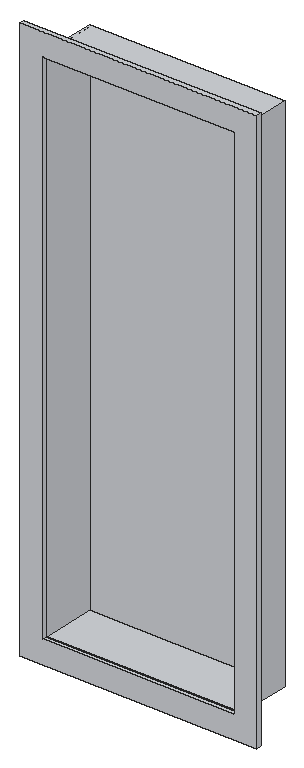
Revit family "Hager-VOLTA-Hollow_wall-Other-Without_Cover-Without_DIN-NoHosted-PL-en", category Electrical Equipment, Revit 2023
Family settings
  Panel Configuration = Two Columns, Circuits Across
  Round Connector Dimension = Use Diameter
  Part Type = Panelboard
  Work Plane-Based = Yes
  Always vertical = Yes
  Cut with Voids When Loaded = No
  Maintain Annotation Orientation = No
  Shared = No
  Room Calculation Point = No
Parameters (values of type "VOLTA-Hollow_wall_W348_H880_D98_12_Modular_Spacing-VH60NK")
  Width Control [instance] = if([HG000006-Flush mounted], if([EF000846 - Built-in width] > min_whd, [EF000846 - Built-in width], min_whd), if([EF000008 - Width] > min_whd, ([EF000008 - Width]), min_whd))  # 314 mm
  Void Depth [instance] = if([EF000218 - Built-in depth] > 1 mm, [EF000218 - Built-in depth], 1 mm)  # 90 mm
  Uniformat code = "D501001"
  Uniformat = "Low Tension Service & Dist."
  Référence = ""
  HG000131 - Functional label [instance] = ""
  HG000130 - Functional name [instance] = ""
  HG000099-Onfly Template ID = "507532"
  HG000059-Operating voltage [instance] = 230 V
  ETIM class name = "Small distribution board"
  ETIM class code = "EC000214"
  EF015941 - Signal passing door = no
  EF015777 - Neutral terminal block = no
  EF015776 - Earthing terminal block = no
  EF009212 - Cover model = ""
  EF006306 - With lock = no
  EF006244 - Transparent cover/door = no
  EF005474 - Degree of protection (IP) = "Other"
  EF004462 - Type of closure = "Other"
  EF002950 - Width in number of modular spacings = 12
  EF001596 - Housing material = ""
  EF001134 - DIN-rail = no
  EF001131 - Inner depth = 0 mm
  EF001088 - Extension possible = yes
  EF001062 - EMC-version = no
  EF000846 - Built-in width = 314 mm
  EF000339 - Type of covering = ""
  EF000332 - Built-in height = 846 mm
  EF000266 - Number of rows = 5
  EF000218 - Built-in depth = 90 mm
  EF000118 - With mounting plate = no
  EF000116 - RAL-number = 9010
  EF000049 - Depth = 98 mm
  EF000040 - Height = 880 mm
  EF000008 - Width = 348 mm
  EF000007 - Colour = "White"
  EF000003 - Mounting method = "Hollow wall"
  EF004464 - Type of door = ""
  EF000024 - UV resistant = no
  Type Comments = ""
  System Height [instance] = Height Control - 2 * [HG000005-Thickness]  # 842 mm
  Reference description = ""
  Reference = "VOLTA-Hollow_wall_W348_H880_D98_12_Modular_Spacing-VH60NK"
  Panel Name [instance] = ""  # (empty or 0)
  Offset [instance] = 0 mm
  Object type = ""
  Name hager = "ADD_Enclosures_EC000214"
  Name BIM&CO = "Electricity"
  Name = "VOLTA-Hollow_wall-Other-Without_Cover-Without_DIN-PL"
  Model = ""
  Level Offset [instance] = [Flush Mounted - Door Frame Width] + Offset  # 34 mm
  HGEF002950-Width in number of modular spacings = 12
  HGEF000266-Number of rows = 5
  HG000060-RAL-number = "9010"
  HG000017-Distance between poles = 18 mm
  HG000016-Door 3D visibility = yes
  HG000015-Clearance visibility = yes
  HG000014-Door on the right = yes
  HG000013-Door on the left = not([HG000014-Door on the right])  # no
  HG000012-Door swing angle = 90.00°
  HG000011-Empty rows from bottom = no
  HG000010-Asymmetric doors = no
  HG000009-Double swing door = no
  HG000008-Number of empty rows = 0
  HG000007-Number of empty columns = 0
  HG000006-Flush mounted = yes
  HG000005-Thickness = 2 mm
  HG000004-Manufacturer reference = "VH60NK"
  HG000003-Range = "VOLTA"
  HG000002-With door or cover = no
  HG000001-Number of columns = 0
  GTIN (Global Trade Item Number) = ""
  Description = ""
  Default Elevation = 1200 mm
  Creation Date = "12/15/2025 21:47:46"
  Code hager = "ADD-EC000214_EU"
  Code Uniformat = ""
  BIM&CO code = ""
  BC_VARIANT_ID = "1174402"
  BC_OBJECT_VERSION = "#5"  # constant formula
  BC_OBJECT_ID = "513500"  # constant formula
  BC_MODEL_ID = "1547252"  # constant formula
  BC_METADATA = "{\"ObjectGuid\":\"bc35c96e-cb38-443e-833d-0616858cb9ac\",\"ModelGuid\":\"8af03f69-2293-4735-a617-cc53adf55621\",\"VariantGuid\":\"8b6e323b-1b53-409a-a940-11b5a7fc5337\",\"Revision\":\"#4\",\"VariantName\":\"Template-Enclosure_EU-EC000214\"}"
  Arrow Offset [instance] = Depth Control / 8  # 11.25 mm
  Arrow Height [instance] = Depth Control - Arrow Offset  # 78.75 mm
  Host Offset [instance] = if([HG000006-Flush mounted], 0 mm, [EF000049 - Depth])  # 0 mm
  min_whd [instance] = (2 * [HG000005-Thickness]) + 1 mm  # 5 mm
  Manufacturer = "Hager"  # constant formula
  Height Control [instance] = if([HG000006-Flush mounted], if([EF000332 - Built-in height] > min_whd, [EF000332 - Built-in height], min_whd), if([EF000040 - Height] > min_whd, ([EF000040 - Height]), min_whd))  # 846 mm
  Flush Mounted - Door Frame Width [instance] = if(([EF000040 - Height] - [EF000332 - Built-in height]) > 0 mm, if([HG000006-Flush mounted], [EF000040 - Height] - [EF000332 - Built-in height], 0 mm), 0 mm)  # 34 mm
  Depth Control [instance] = if([HG000006-Flush mounted], if([EF000218 - Built-in depth] > 0 mm, [EF000218 - Built-in depth], 1 mm), if([EF000049 - Depth] > 0 mm, ([EF000049 - Depth]), 1 mm))  # 90 mm
Types (5, lengths in mm): name | EF009212 - Cover model | EF004462 - Type of closure | EF001062 - EMC-version | EF000332 - Built-in height | EF000266 - Number of rows | EF000049 - Depth | EF000040 - Height | EF000008 - Width | System Height | Reference | Level Offset | HGEF000266-Number of rows | HG000004-Manufacturer reference | BC_VARIANT_ID | Height Control | Flush Mounted - Door Frame Width
  VOLTA-Hollow_wall_W330_H355_D94_12_Modular_Spacing-VH12NK | "Closed" | "" | yes | 346 | 1 | 94 | 355 | 330 | 342 | "VOLTA-Hollow_wall_W330_H355_D94_12_Modular_Spacing-VH12NK" | 9 | 1 | "VH12NK" | "1174398" | 346 | 9
  VOLTA-Hollow_wall_W348_H505_D98_12_Modular_Spacing-VH24NK | "" | "Other" | no | 471 | 2 | 98 | 505 | 348 | 467 | "VOLTA-Hollow_wall_W348_H505_D98_12_Modular_Spacing-VH24NK" | 34 | 2 | "VH24NK" | "1174399" | 471 | 34
  VOLTA-Hollow_wall_W348_H630_D98_12_Modular_Spacing-VH36NK | "" | "Other" | no | 596 | 3 | 98 | 630 | 348 | 592 | "VOLTA-Hollow_wall_W348_H630_D98_12_Modular_Spacing-VH36NK" | 34 | 3 | "VH36NK" | "1174400" | 596 | 34
  VOLTA-Hollow_wall_W348_H755_D98_12_Modular_Spacing-VH48NK | "" | "Other" | no | 721 | 4 | 98 | 755 | 348 | 717 | "VOLTA-Hollow_wall_W348_H755_D98_12_Modular_Spacing-VH48NK" | 34 | 4 | "VH48NK" | "1174401" | 721 | 34
  VOLTA-Hollow_wall_W348_H880_D98_12_Modular_Spacing-VH60NK | "" | "Other" | no | 846 | 5 | 98 | 880 | 348 | 842 | "VOLTA-Hollow_wall_W348_H880_D98_12_Modular_Spacing-VH60NK" | 34 | 5 | "VH60NK" | "1174402" | 846 | 34
Reference planes
  plane 1 "Center (Front/Back)": y = 0
  plane 2: z = 0
  plane 3 "Center (Left/Right)": x = 0
  plane 4: y = 36
  plane 5: y = 90
  plane 6: y = 34
  plane 7: z = 0
  plane 8: x = -157
  plane 9: x = 157
  plane 10: x = 155
  plane 11: x = -155
  plane 12: z = 34
  plane 13: z = 36
  plane 14: y = 5
  plane 15: y = 0
  plane 16: y = 88
  plane 17: z = 878
  plane 18: z = 880
  plane 19: z = 457
  plane 20: x = 0
  plane 21: y = -100
  plane 22 "Annotation H": y = -300
  plane 23 "Annotation V": x = 357
Forms (mm)
  Extrusion 1, solid
    sketch origin (-208.679, -4572, 34) x (-1, 0, 0) y (0, -1, 0)
      loop
        line (-51.679, -4572) -> (-365.679, -4572) -> (-365.679, -4662) -> (-51.679, -4662) -> (-51.679, -4572)
    from 0 to 846 <- "Height Control"
  Extrusion 2, void
    sketch origin (-350.771, 0, 1219.2) x (1, 0, 0) y (0, 0, 1)
      loop
        line (195.771, -341.2) -> (195.771, -1183.2) -> (505.771, -1183.2) -> (505.771, -341.2) -> (195.771, -341.2)
    from 0 to -88
  Extrusion 3, solid, detail levels coarse+medium
    sketch origin (-350.771, 0, 1219.2) x (-1, 0, 0) y (0, 0, 1)
      loop
        line (-195.771, -341.2) -> (-505.771, -341.2) -> (-505.771, -1183.2) -> (-195.771, -1183.2) -> (-195.771, -341.2)
    from 0 to 2 <- "HG000005-Thickness"
Cuts and joins
  Extrusion 2 cuts Extrusion 1
Dimensions and locks
  "Flush Mounted - Door Frame Width": plane 1 "Center (Front/Back)" to plane 6
  "HG000005-Thickness": plane 4 to plane 6
  "HG000005-Thickness": plane 8 to plane 11
  "HG000005-Thickness": plane 9 to plane 10
  equal spacing: plane 8, plane 3 "Center (Left/Right)", plane 9
  "Width Control": plane 8 to plane 9
  locked: plane 14 to plane 15 at 5
  "Host Offset": plane 1 "Center (Front/Back)" to plane 15
  "Depth Control": plane 5 to plane 15
  "HG000005-Thickness": plane 5 to plane 16
  "HG000005-Thickness": plane 13 to plane 12
  "Level Offset": plane 12 to level
  "HG000005-Thickness": plane 18 to plane 17
  "Height Control": plane 18 to plane 12
  "Arrow Offset": plane 5 to nested 4
  equal spacing: plane 18, plane 19, plane 12
  locked: connector elem to plane 19
  locked: connector elem to plane 3 "Center (Left/Right)"
  Extrusion 2 sketch curve to Extrusion 2 sketch curve to plane 9 = 310 mm, 2 mm
  locked: plane 9 to plane 23 "Annotation V" at 200
  locked: plane 22 "Annotation H" to plane 1 "Center (Front/Back)" at 300
  aligned and locked: nested 1 to plane 14
  aligned and locked: plane 3 "Center (Left/Right)" to nested 1
  aligned and locked: plane 3 "Center (Left/Right)" to nested 2
  aligned and locked: nested 2 to plane 15
  aligned and locked: plane 5 to Extrusion 1
  aligned and locked: Extrusion 3 sketch curve to plane 17
  aligned and locked: Extrusion 3 sketch curve to plane 11
  aligned and locked: plane 13 to Extrusion 3 sketch curve
  aligned and locked: Extrusion 3 sketch curve to plane 10
  aligned and locked: plane 13 to Extrusion 2 sketch curve
  aligned and locked: Extrusion 2 sketch curve to plane 17
  aligned and locked: plane 16 to Extrusion 2
  aligned and locked: plane 5 to Extrusion 1 sketch curve
  aligned and locked: plane 9 to Extrusion 1 sketch curve
  aligned and locked: plane 8 to Extrusion 1 sketch curve
  aligned and locked: plane 8 to nested 4
  aligned and locked: plane 8 to nested 3
  aligned and locked: nested 3 to plane 5
  aligned and locked: Extrusion 1 sketch curve to plane 15
  aligned and locked: Extrusion 2 to plane 15
  aligned and locked: nested 5 to plane 22 "Annotation H"
  aligned and locked: plane 23 "Annotation V" to nested 5
  aligned and locked: plane 11 to Extrusion 2
  aligned and locked: plane 10 to Extrusion 2
Nested families
  nested 1: "Hager_Enclosure_System" at (0, 5, 36), Flush_Mounted <- "HG000006-Flush mounted", Height <- "System Height", Width_Control <- "Width Control", Row_Module_Multiplicator <- "HGEF002950-Width in number of modular spacings", Empty_Columns <- "HG000007-Number of empty columns", Border <- "HG000005-Thickness", Total_No_Empty_Rows <- "HG000008-Number of empty rows", Depth <- "HG000005-Thickness", Empty_Rows_From_Bottom <- "HG000011-Empty rows from bottom", Distance_Between_Poles <- "HG000017-Distance between poles", Rows_Count <- "HGEF000266-Number of rows", Columns_Count <- "HG000001-Number of columns", Built-in_Width <- "EF000846 - Built-in width", Width <- "EF000008 - Width", type "Hager_Enclosure_System", detail levels medium+fine
    with Width_Control 314 mm, Width 348 mm, Total_No_Rows 5, Total_No_Empty_Rows 0, Total_No_Columns 1, System_Width 310 mm, Rows_Count 5, Rows_Column 5, Row_Module_Multiplicator 12, Panel_4 no, Panel_3 no, Panel_2 no, Panel_1 no, No_Panels_Ctrl 1, Hide_Columns yes, Height 842 mm, Flush_Mounted yes, Empty_Rows_From_Bottom no, Empty_Rows_Column 0, Empty_Columns 0, Empty column 4 0, Empty column 3 0, Empty column 2 0, Empty column 1 0, Distance_Between_Poles 18 mm, Depth 2 mm, Columns_Count 0, Column_Width 310 mm, Built-in_Width 314 mm, Border 2 mm
  nested 2: "Hager_Enclosure_Door" at (0, 0, 34), Double <- "HG000009-Double swing door", Height_Ctrl <- "Height Control", Angle <- "HG000012-Door swing angle", Door_Right <- "HG000014-Door on the right", Assymetrical <- "HG000010-Asymmetric doors", Flush_Mounted <- "HG000006-Flush mounted", Door <- "HG000002-With door or cover", Width_Ctrl <- "Width Control", 3d_Door <- "HG000016-Door 3D visibility", Border <- "HG000005-Thickness", Clearance <- "HG000015-Clearance visibility", Door_Left <- "HG000013-Door on the left", BuiltIn_Depth <- "EF000218 - Built-in depth", Depth <- "EF000049 - Depth", BuiltIn_Width <- "EF000846 - Built-in width", Height <- "EF000040 - Height", BuiltIn_Height <- "EF000332 - Built-in height", Width <- "EF000008 - Width", Transparent <- "EF006244 - Transparent cover/door", type "Hager_Enclosure_Door", detail levels medium+fine
    with min_wh 5 mm, Width_Ctrl 314 mm, Width 348 mm, Transparent_Door_No_Bottom_Border no, Transparent no, Leaf_Width 307 mm, Leaf_Tolerance 1.5 mm, Leaf_Height 839 mm, Leaf_2_Width 307 mm, Leaf_2_Offset 153.5 mm, Leaf_1_Width 307 mm, Leaf_1_Offset 153.5 mm, Height_Ctrl 846 mm, Height 880 mm, Frame_Width_Ctrl 34 mm, Frame_Width 34 mm, Frame_Internal_Offset 2 mm, Frame_Height_Ctrl 34 mm, Frame_Height 34 mm, Frame_Depth_Ctrl 8 mm, Frame_Depth 8 mm, Flush_Mounted yes, Double_Clearance_Ctrl no, Double no, Door_Right_Ctrl no, Door_Right yes, Door_Left_Ctrl no, Door_Left no, Door no, Depth 98 mm, Clearance_Depth 307 mm, Clearance_Ctrl yes, Clearance yes, BuiltIn_Width 314 mm, BuiltIn_Height 846 mm, BuiltIn_Depth 90 mm, Border 2 mm, Assymetrical no, Angle 90.00°, 3d_Door yes
  nested 3: "Hager_Enclosure_Symbol_Triangle" at (-157, 90, 0), Depth <- "Depth Control", Width <- "Width Control", type "Hager_Enclosure_Symbol_Triangle"
    with Width_Ctrl 314 mm, Width 314 mm, Depth_Ctrl 90 mm, Depth 90 mm
  nested 4: "Hager_Enclosure_Symbol_Arrow" at (-157, 78.75, 0), Height <- "Arrow Height", type "Hager_Enclosure_Symbol_Arrow"
    with Width_Inside 5.906 mm, Width 70.875 mm, Height_Ctrl 78.75 mm, Height 78.75 mm
  nested 5: "Hager_Annotation-HG000130" at (357, -300, 0), HG000130 - Functional name <- "HG000130 - Functional name", type "Hager_Annotation-HG000130"
    with HG000130 - Functional name ""
Connectors
  electrical at (0, 90, 457), driven by "HG000059-Operating voltage"
    settings: on plane 5, index 1, voltage 230 V, apparent load 0 VA, apparent load phase1 0 VA, apparent load phase2 0 VA, apparent load phase3 0 VA, power factor 1, load classification "Other", number of poles 1, system type 30, power factor state 1, is connector primary yes, connector utility no, sub classification motor no, connector description ""
Definition of nested family "Hager_Enclosure_Door"
  Parameters (values of type "Hager_Enclosure_Door")
    min_wh [instance] = (2 * Border) + 1 mm  # 11 mm
    Width_Ctrl [instance] = 400 mm
    Width [instance] = 500 mm
    Transparent_Door_No_Bottom_Border [instance] = no
    Transparent [instance] = yes
    Leaf_Width [instance] = if((Width_Ctrl - 2 * Border - 2 * Leaf_Tolerance) > 0 mm, (Width_Ctrl - 2 * Border - 2 * Leaf_Tolerance), min_wh)  # 387 mm
    Leaf_Tolerance [instance] = 1.5 mm  # constant formula
    Leaf_Height [instance] = if((Height_Ctrl - 2 * Border - 2 * Leaf_Tolerance) > 0 mm, (Height_Ctrl - 2 * Border - 2 * Leaf_Tolerance), min_wh)  # 387 mm
    Leaf_2_Width [instance] = if(and(and(Double, Assymetrical), Door_Left), (Leaf_Width / 3) - (Leaf_Tolerance / 2), if(and(and(Double, Assymetrical), Door_Right), (Leaf_Width / 3) * 2 - (Leaf_Tolerance / 2), if(and(Double, not(Assymetrical)), (Leaf_Width / 2) - Leaf_Tolerance, Leaf_Width)))  # 387 mm
    Leaf_2_Offset [instance] = if(and(Double, Assymetrical), Leaf_2_Width / 2, if(and(Double, not(Assymetrical)), Leaf_Width / 4, Leaf_Width / 2))  # 193.5 mm
    Leaf_1_Width [instance] = if(and(and(Double, Assymetrical), Door_Right), (Leaf_Width / 3) - (Leaf_Tolerance / 2), if(and(and(Double, Assymetrical), Door_Left), (Width / 3) * 2 - (Leaf_Tolerance / 2), if(and(Double, not(Assymetrical)), (Leaf_Width / 2) - Leaf_Tolerance, Leaf_Width)))  # 387 mm
    Leaf_1_Offset [instance] = if(and(Double, Assymetrical), Leaf_1_Width / 2, if(and(Double, not(Assymetrical)), Leaf_Width / 4, Leaf_Width / 2))  # 193.5 mm
    Height_Ctrl [instance] = 400 mm
    Height [instance] = 500 mm
    Frame_Width_Ctrl [instance] = if(Frame_Width > 0 mm, Frame_Width, 1 mm)  # 1 mm
    Frame_Width [instance] = Width - BuiltIn_Width  # 0 mm
    Frame_Internal_Offset [instance] = if(Flush_Mounted, Border, 0 mm)  # 5 mm
    Frame_Height_Ctrl [instance] = if(Frame_Height > 0 mm, Frame_Height, 1 mm)  # 1 mm
    Frame_Height [instance] = Height - BuiltIn_Height  # 0 mm
    Frame_Depth_Ctrl [instance] = if(Frame_Depth > 0 mm, Frame_Depth, 1 mm)  # 1 mm
    Frame_Depth [instance] = if(Depth - BuiltIn_Depth > 0 mm, if(Flush_Mounted, Depth - BuiltIn_Depth, 0 mm), 0 mm)  # 0 mm
    Flush_Mounted [instance] = yes
    Double_Clearance_Ctrl [instance] = and(Double, Clearance)  # no
    Double [instance] = no
    Door_Right_Ctrl [instance] = and(or(Door_Right, Double), Door)  # yes
    Door_Right [instance] = yes
    Door_Left_Ctrl [instance] = and(or(Door_Left, Double), Door)  # no
    Door_Left [instance] = no
    Door [instance] = yes
    Depth [instance] = 500 mm
    Default Elevation = 1219.2 mm
    Clearance_Material = none
    Clearance_Depth [instance] = if(Leaf_1_Width > Leaf_2_Width, Leaf_1_Width, Leaf_2_Width)  # 387 mm
    Clearance_Ctrl [instance] = and(not(Double), Clearance)  # yes
    Clearance [instance] = yes
    BuiltIn_Width [instance] = 500 mm
    BuiltIn_Height [instance] = 500 mm
    BuiltIn_Depth [instance] = 500 mm
    Border [instance] = 5 mm
    Assymetrical [instance] = yes
    Angle [instance] = 30.00°
    3d_Door [instance] = yes
  Reference planes
    plane 1 "Center (Front/Back)": y = 0
    plane 2 "Bottom": z = 0
    plane 3 "Center (Left/Right)": x = 0
    plane 4: z = 400
    plane 5: x = -200
    plane 6: x = 200
    plane 7: z = 395
    plane 8: x = -195
    plane 9: z = 5
    plane 10: x = 195
    plane 11: y = 0
    plane 12: z = 6.5
    plane 13: x = -582
    plane 14: y = -387
    plane 15: x = 582
    plane 16: x = 0
    plane 17: x = 0
    plane 18: x = -193.5
    plane 19: x = 193.5
    plane 20: z = 393.5
  Forms (mm)
    Extrusion 1, solid, visible <- "Flush_Mounted"
      sketch origin (0, 0, 0) x (1, 0, 0) y (0, 0, 1)
        loop
          line (195, 5) -> (195, 395) -> (-195, 395) -> (-195, 5) -> (195, 5)
        loop
          line (-201, 401) -> (-201, -1) -> (201, -1) -> (201, 401) -> (-201, 401)
      from 0 to 1 <- "Frame_Depth_Ctrl"
    Extrusion 2, solid, material <- "Clearance_Material", visible <- "Double_Clearance_Ctrl"
      sketch origin (1200, 0, 0) x (1, 0, 0) y (0, 0, -1)
        loop
          line (-1782, -393.5) -> (-618, -393.5) -> (-618, 0) -> (-1782, 0) -> (-1782, -393.5)
      from 0 to -387
  Dimensions and locks
    equal spacing: plane 5, plane 3 "Center (Left/Right)", plane 6
    "Width_Ctrl": plane 5 to plane 6
    "Border": plane 5 to plane 8
    "Border": plane 6 to plane 10
    "Border": plane 9 to level
    "Border": plane 4 to plane 7
    "Height_Ctrl": plane 4 to level
    "Leaf_Tolerance": plane 12 to plane 9
    "Frame_Depth": plane 11 to plane 1 "Center (Front/Back)"
    "Frame_Width_Ctrl": plane 5 to Extrusion 1 sketch curve
    "Frame_Width_Ctrl": plane 6 to Extrusion 1 sketch curve
    "Frame_Width_Ctrl": Extrusion 1 sketch curve to plane 4
    "Frame_Width_Ctrl": plane 2 "Bottom" to Extrusion 1 sketch curve
    "Leaf_1_Offset": plane 18 to plane 16
    "Leaf_2_Offset": plane 17 to plane 19
    "Leaf_1_Width": plane 13 to plane 8
    "Leaf_2_Width": plane 10 to plane 15
    "Clearance_Depth": plane 14 to plane 1 "Center (Front/Back)"
    "Leaf_Tolerance": plane 8 to plane 18
    "Leaf_Tolerance": plane 19 to plane 10
    "Leaf_Tolerance": plane 7 to plane 20
    "Frame_Internal_Offset": plane 5 to Extrusion 1 sketch curve
    "Frame_Internal_Offset": Extrusion 1 sketch curve to plane 2 "Bottom"
    "Frame_Internal_Offset": plane 6 to Extrusion 1 sketch curve
    "Frame_Internal_Offset": plane 4 to Extrusion 1 sketch curve
    aligned and locked: level to plane 2 "Bottom"
    aligned and locked: nested 1 to plane 16
    aligned and locked: nested 2 to plane 17
    aligned and locked: Extrusion 2 to plane 13
    aligned and locked: plane 15 to Extrusion 2
    aligned and locked: Extrusion 2 to plane 14
    aligned and locked: plane 12 to nested 1
    aligned and locked: nested 2 to plane 12
    aligned and locked: Extrusion 2 to plane 11
    aligned and locked: plane 20 to Extrusion 2
    aligned and locked: nested 2 to plane 11
    aligned and locked: nested 1 to plane 11
  Automatic sketch dimensions
    Extrusion 2 sketch curve to level = 0 mm
    plane 5 to Extrusion 2 sketch curve = 382 mm
    plane 6 to Extrusion 2 sketch curve = 382 mm
    Extrusion 2 sketch curve to plane 4 = 6.5 mm
  Nested families
    nested 1: "Hager_Enclosure_Door_Leaf" at (0, 0, 6.5), Width <- "Leaf_1_Width", visible <- "Door_Left_Ctrl", Leaf_Height <- "Leaf_Height", Angle <- "Angle", Depth <- "Border", 3d_Door <- "3d_Door", Transparent <- "Transparent", Clearance Material <- "Clearance_Material", Clearance <- "Clearance_Ctrl", Transparent_Door_No_Bottom_Border <- "Transparent_Door_No_Bottom_Border", type "Hager_Enclosure_Door_Leaf"
      with Width 387 mm, Transparent_Door_No_Bottom_Border no, Transparent_Door_Border_Bottom_Top 25 mm, Transparent_Door_Border 25 mm, Transparent_Ctrl yes, Transparent yes, Standard no, Leaf_Height 387 mm, Glass_Offset 1 mm, Depth 5 mm, Clearance Material none, Clearance yes, Angle_Ctrl 30.00°, Angle 30.00°, 3d_Door yes
    nested 2: "Hager_Enclosure_Door_Leaf" at (0, 0, 6.5) x (-1, 0, 0) z (0, 0, 1), Width <- "Leaf_2_Width", visible <- "Door_Right_Ctrl", Leaf_Height <- "Leaf_Height", Angle <- "Angle", Depth <- "Border", 3d_Door <- "3d_Door", Transparent <- "Transparent", Clearance Material <- "Clearance_Material", Clearance <- "Clearance_Ctrl", Transparent_Door_No_Bottom_Border <- "Transparent_Door_No_Bottom_Border", type "Hager_Enclosure_Door_Leaf"
      with Width 387 mm, Transparent_Door_No_Bottom_Border no, Transparent_Door_Border_Bottom_Top 25 mm, Transparent_Door_Border 25 mm, Transparent_Ctrl yes, Transparent yes, Standard no, Leaf_Height 387 mm, Glass_Offset 1 mm, Depth 5 mm, Clearance Material none, Clearance yes, Angle_Ctrl 30.00°, Angle 30.00°, 3d_Door yes
  Definition of nested family "Hager_Enclosure_Door_Leaf"
    Parameters (values of type "Hager_Enclosure_Door_Leaf")
      Width [instance] = 2000 mm
      Transparent_Door_No_Bottom_Border [instance] = yes
      Transparent_Door_Border_Bottom_Top [instance] = if(Transparent_Door_No_Bottom_Border, 0.1 mm, Transparent_Door_Border)  # 0.1 mm
      Transparent_Door_Border [instance] = if(Transparent_Door_No_Bottom_Border, (Width * 0.12), 25 mm)  # 240 mm
      Transparent_Ctrl [instance] = and(Transparent, [3d_Door])  # yes
      Transparent [instance] = yes
      Standard [instance] = and(not(Transparent), [3d_Door])  # no
      Leaf_Height [instance] = 2720.336 mm
      Glass_Offset [instance] = if((Depth - 10 mm) / 2 > 0 mm, (Depth - 10 mm) / 2, 1 mm)  # 15 mm
      Glass_Material = none
      Depth [instance] = 40 mm
      Default Elevation = 0 mm
      Clearance Material [instance] = none
      Clearance [instance] = yes
      Angle_Ctrl [instance] = if(Angle > 170.00°, 170.00°, Angle)  # 45.00°
      Angle [instance] = 45.00°
      3d_Door [instance] = yes
    Reference planes
      plane 1 "Center (Front/Back)": y = 0
      plane 2: z = 0
      plane 3 "Center (Left/Right)": x = 0
      plane 4: y = 2000
      plane 5: x = -1000
      plane 6: x = 1000
      plane 7: x = -3000
      plane 8: z = 2720.336
      plane 9: z = 0.1
      plane 10: z = 2720.236
      plane 11: x = 760
      plane 12: x = -760
    Forms (mm)
      Extrusion 1, solid, material <- "Clearance Material", visible <- "Clearance"
        sketch origin (0, 0, 0) x (1, 0, 0) y (0, 0, 1)
          loop
            line (-3000, 2720.336) -> (-3000, 0) -> (1000, 0) -> (1000, 2720.336) -> (-3000, 2720.336)
        from 0 to -2000
      Extrusion 2, solid, visible <- "Standard", detail levels medium+fine
        sketch origin (-1000, 0, 0) x (0.707107, 0.707107, 0) y (-0.707107, 0.707107, 0)
          loop
            line (0, -40) -> (2000, -40) -> (2000, 0) -> (0, 0) -> (0, -40)
        from 0 to 2720.336 <- "Leaf_Height"
      Extrusion 3, solid, visible <- "Transparent_Ctrl", detail levels medium+fine
        sketch origin (-1000, 0, 0) x (0.707107, 0.707107, 0) y (-0.707107, 0.707107, 0)
          loop
            line (0, -40) -> (2000, -40) -> (2000, 0) -> (0, 0) -> (0, -40)
        from 0 to 2720.336 <- "Leaf_Height"
      Extrusion 4, void, detail levels medium+fine
        sketch origin (-1000, 0, 0) x (-0.707107, 0.707107, 0) y (0.707107, 0.707107, 0)
          loop
            line (0, 240) -> (0, 1760) -> (-40, 1760) -> (-40, 240) -> (0, 240)
        from -2720.236 to -0.1
      Extrusion 5, solid, material <- "Glass_Material", visible <- "Transparent_Ctrl", detail levels medium+fine
        sketch origin (-1000, 0, 0) x (0.707107, 0.707107, 0) y (-0.707107, 0.707107, 0)
          loop
            line (240, -15) -> (240, -25) -> (1760, -25) -> (1760, -15) -> (240, -15)
        from 0.1 to 2720.236
    Cuts and joins
      Extrusion 4 cuts Extrusion 3
    Lines and regions (mm)
      symbolic lines
        curve 1: line (1000, 0, 0) -> (-3000, 0, 0)
        curve 2: arc (1000, 0, 0) -> (-1000, 2000, 0) -> (-3000, 0, 0) r 2000
        curve 4: line (-1000, 0, 0) -> (414.214, 1414.214, 0)
      reference lines
        curve 3: line (-1000, 0, 0) -> (414.214, 1414.214, 0)
      symbolic lines, detail levels medium+fine
        curve 5: line (414.214, 1414.214, 0) -> (442.498, 1385.929, 0)
        curve 6: line (442.498, 1385.929, 0) -> (-971.716, -28.284, 0)
        curve 7: line (-971.716, -28.284, 0) -> (-1000, 0, 0)
        curve 8: line (-1000, 0, 2720.336) -> (1000, 0, 2720.336)
        curve 9: line (-1000, 0, 0) -> (-1000, 0, 2720.336)
        curve 10: line (1000, 0, 0) -> (-1000, 0, 0)
        curve 11: line (1000, 0, 2720.336) -> (1000, 0, 0)
      symbolic lines, visible <- "Transparent_Ctrl", detail levels medium+fine
        curve 12: line (-760, 0, 2720.236) -> (760, 0, 2720.236)
        curve 13: line (-760, 0, 0.1) -> (-760, 0, 2720.236)
        curve 14: line (760, 0, 0.1) -> (-760, 0, 0.1)
        curve 15: line (760, 0, 2720.236) -> (760, 0, 0.1)
    Dimensions and locks
      "Width": plane 1 "Center (Front/Back)" to plane 4
      equal spacing: plane 5, plane 3 "Center (Left/Right)", plane 6
      "Width": plane 5 to plane 6
      "Width": plane 7 to plane 5
      "Leaf_Height": plane 8 to level
      "Depth": curve 6 to curve 3
      "Width": curve 5 to curve 3
      "Width": curve 3 to curve 3
      "Transparent_Door_Border": Extrusion 4 sketch curve to curve 7
      "Transparent_Door_Border": Extrusion 4 sketch curve to curve 5
      "Transparent_Door_Border_Bottom_Top": plane 8 to plane 10
      "Transparent_Door_Border_Bottom_Top": plane 9 to level
      "Glass_Offset": Extrusion 5 sketch curve to curve 4
      "Glass_Offset": Extrusion 5 sketch curve to curve 6
      "Transparent_Door_Border": Extrusion 5 sketch curve to curve 5
      "Transparent_Door_Border": Extrusion 5 sketch curve to curve 7
      "Transparent_Door_Border": plane 12 to plane 5
      "Transparent_Door_Border": plane 6 to plane 11
      "Angle_Ctrl": angle plane 1 "Center (Front/Back)" to curve 3
      aligned and locked: level to plane 2
      aligned and locked: Extrusion 1 to curve 1
      aligned and locked: plane 6 to Extrusion 1
      aligned and locked: Extrusion 1 to plane 1 "Center (Front/Back)"
      aligned and locked: plane 4 to Extrusion 1
      aligned and locked: plane 8 to Extrusion 1
      aligned and locked: curve 4 to curve 3
      aligned and locked: Extrusion 2 sketch curve to curve 7
      aligned and locked: Extrusion 2 sketch curve to curve 6
      aligned and locked: Extrusion 2 sketch curve to curve 5
      aligned and locked: Extrusion 2 sketch curve to curve 3
      aligned and locked: curve 7 to Extrusion 3 sketch curve
      aligned and locked: Extrusion 3 sketch curve to curve 4
      aligned and locked: Extrusion 3 sketch curve to curve 6
      aligned and locked: Extrusion 3 sketch curve to curve 5
      aligned and locked: curve 4 to Extrusion 4 sketch curve
      aligned and locked: curve 6 to Extrusion 4 sketch curve
      aligned and locked: Extrusion 4 to plane 9
      aligned and locked: Extrusion 4 to plane 10
      aligned and locked: Extrusion 5 to plane 9
      aligned and locked: Extrusion 5 to plane 10
      aligned and locked: curve 8 to plane 8
      aligned and locked: plane 5 to curve 9
      aligned and locked: plane 2 to curve 10
      aligned and locked: curve 11 to plane 6
      aligned and locked: plane 10 to curve 12
      aligned and locked: plane 12 to curve 13
      aligned and locked: curve 14 to plane 9
      aligned and locked: plane 11 to curve 15
    Automatic sketch dimensions
      plane 1 "Center (Front/Back)" to curve 2 = 0 mm
      curve 2 to plane 5 = 0 mm
      Extrusion 1 sketch curve to level = 0 mm
      Extrusion 1 sketch curve to plane 7 = 0 mm
      Extrusion 1 sketch curve to plane 6 = 0 mm
      Extrusion 1 sketch curve to plane 8 = 0 mm
      plane 1 "Center (Front/Back)" to curve 3 = 0 mm
      curve 3 to plane 5 = 0 mm
      curve 7 to curve 3 = 0 mm
Definition of nested family "Hager_Enclosure_Symbol_Triangle"
  Parameters (values of type "Hager_Enclosure_Symbol_Triangle")
    Width_Ctrl [instance] = if(Width > 1 mm, Width, 1 mm)  # 498 mm
    Width [instance] = 498 mm
    Depth_Ctrl [instance] = if(Depth > 1 mm, Depth, 1 mm)  # 72 mm
    Depth [instance] = 72 mm
  Reference planes
    plane 1 "Centre (avant/arrière)": y = 0
    plane 2: z = 0
    plane 3 "Centre (gauche/droite)": x = 0
  Lines and regions (mm)
    Filled region 1, type "Solid_Black", in view "Niveau de réf."
      outline origin (0, 0, 0) x (1, 0, 0) y (0, 1, 0)
        loop
          line (0, 0) -> (498, 0) -> (498, 72) -> (0, 0)
    reference lines, in view "Niveau de réf."
      curve 1: line (-206.153, 72, 0) -> (1083.258, 72, 0)
      curve 2: line (498, 405.456, 0) -> (498, -517.619, 0)
  Dimensions and locks
    "Depth_Ctrl": plane 1 "Centre (avant/arrière)" to curve 1
    "Width_Ctrl": plane 3 "Centre (gauche/droite)" to curve 2
    aligned and locked: curve 1 to Filled region 1 sketch curve
    aligned and locked: Filled region 1 sketch curve to plane 1 "Centre (avant/arrière)"
    aligned and locked: curve 2 to Filled region 1 sketch curve
    aligned and locked: plane 3 "Centre (gauche/droite)" to Filled region 1 sketch curve
    aligned and locked: plane 1 "Centre (avant/arrière)" to Filled region 1 sketch curve
  Automatic sketch dimensions
    curve 1 to plane 3 "Centre (gauche/droite)" = 206.153 mm
    curve 2 to curve 1 = 585.258 mm
    plane 1 "Centre (avant/arrière)" to curve 2 = 517.619 mm
    curve 2 to plane 1 "Centre (avant/arrière)" = 405.456 mm
Definition of nested family "Hager_Enclosure_Symbol_Arrow"
  Parameters (values of type "Hager_Enclosure_Symbol_Arrow")
    Width_Inside [instance] = if(Width / 12 > 2 mm, Width / 12, 2 mm)  # 4.987 mm
    Width [instance] = if(Height_Ctrl * 0.9 > 2 mm, Height_Ctrl * 0.9, 2 mm)  # 59.85 mm
    Height_Ctrl [instance] = if(Height > 2 mm, Height, 2 mm)  # 66.5 mm
    Height [instance] = 66.5 mm
  Reference planes
    plane 1 "Centre (avant/arrière)": y = 0
    plane 2: z = 0
    plane 3 "Centre (gauche/droite)": x = 0
    plane 4: x = 59.85
    plane 5: y = 28.263
    plane 6: y = 38.238
    plane 7: y = 66.5
    plane 8: x = 29.925
    plane 9: y = 33.25
  Lines and regions (mm)
    Filled region 1, type "Solid_Black", in view "Niveau de réf."
      outline origin (0, 0, 0) x (1, 0, 0) y (0, 1, 0)
        loop
          line (59.85, 66.5) -> (37.929, 52.827) -> (51.846, 41.935) -> (59.85, 66.5)
    detail lines, in view "Niveau de réf."
      curve 1: line (0, 0, 0) -> (29.925, 38.238, 0)
      curve 2: line (29.925, 38.238, 0) -> (29.925, 28.263, 0)
      curve 3: line (29.925, 28.263, 0) -> (59.85, 66.5, 0)
  Dimensions and locks
    "Width": plane 3 "Centre (gauche/droite)" to plane 4
    "Height_Ctrl": plane 7 to plane 1 "Centre (avant/arrière)"
    equal spacing: plane 3 "Centre (gauche/droite)", plane 8, plane 4
    equal spacing: plane 7, plane 9, plane 1 "Centre (avant/arrière)"
    equal spacing: plane 6, plane 9, plane 5
    "Width_Inside": plane 6 to plane 9
    equal spacing: curve 3, Filled region 1 sketch curve, Filled region 1 sketch curve
    angle Filled region 1 sketch curve to curve 3 = 20.00°
    angle curve 3 to Filled region 1 sketch curve = 20.00°
    locked: curve 3 to Filled region 1 sketch curve (angle 90.00°)
  Automatic sketch dimensions
    plane 1 "Centre (avant/arrière)" to curve 1 = 0 mm
    curve 1 to plane 3 "Centre (gauche/droite)" = 0 mm
    curve 2 to plane 6 = 0 mm
    curve 3 to plane 8 = 0 mm
    curve 3 to plane 4 = 0 mm
    curve 2 to plane 5 = 0 mm
    curve 3 to plane 7 = 0 mm
    Filled region 1 sketch curve to plane 4 = 0 mm
    Filled region 1 sketch curve to plane 7 = 0 mm
Definition of nested family "Hager_Annotation-HG000130"
  Parameters (values of type "Hager_Annotation-HG000130")
    HG000130 - Functional name [instance] = ""
  Reference planes
    plane 1: y = 0
    plane 2: x = 0
  Lines and regions (mm)
    detail lines
      curve 1: line (-27.5, 10, 0) -> (27.5, 10, 0)
      curve 2: line (-27.5, -10, 0) -> (-27.5, 10, 0)
      curve 3: line (27.5, -10, 0) -> (-27.5, -10, 0)
      curve 4: line (27.5, 10, 0) -> (27.5, -10, 0)
  Text (mm)
    label "HG000130 - Functional name" at (0.16, 0.026, 0), shows "HG000130 - Functional name"
